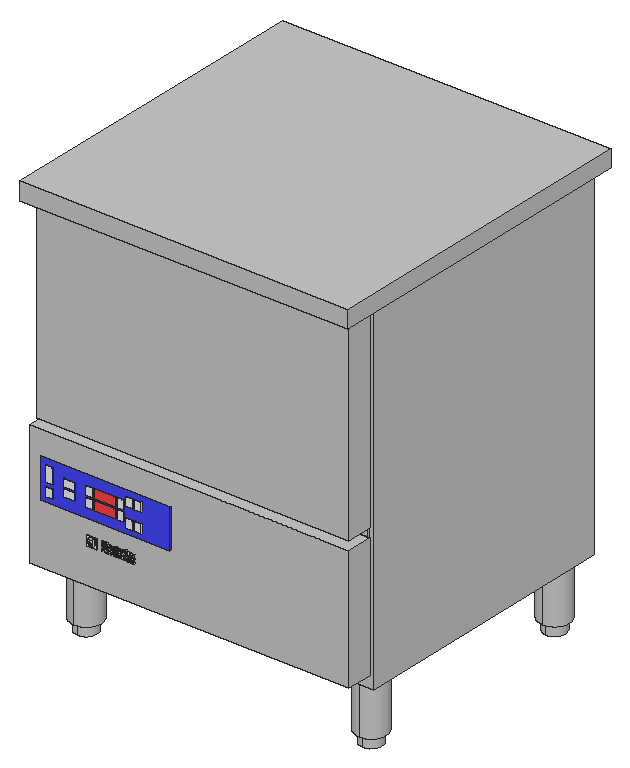
Revit family "QF_ELECTROLUXPROFESSIONAL_727829_RBF061P", category Specialty Equipment, Revit 2018
Family settings
  Round Connector Dimension = Use Diameter
  Part Type = Normal
  Work Plane-Based = No
  Always vertical = Yes
  Cut with Voids When Loaded = No
  Shared = No
  Room Calculation Point = No
Parameters (values of type "Standard")
  Weight = 105.00 kg
  Watts = 0 W
  Volts = 220 V
  URL Manufacturer = "http://professional.electrolux.com"
  URL = "http://professional.electrolux.com"
  Steam Supply Size = 0 mm
  Steam Supply Minimum Pressure = 0.0 Pa
  Steam Supply Maximum Pressure = 0.0 Pa
  Steam Pounds per Hour = 0
  Refrigeration Suction Line Size = 0 mm
  Refrigeration Liquid Line Size = 0 mm
  Refrigerant Compressor Remote = yes
  Manufacturer = "Electrolux Professional"
  Phase = 1
  Model = "RBF061P"
  Length Actual = 760 mm  # constant formula
  Item Number = "727829"
  Hot Water Size = 0 mm
  Height Actual = 970 mm  # constant formula
  HP = "2.1 HP"
  Gas Size = 0 mm
  Gas KW = 0
  Gas Input Pressure = 0 W
  Direct Waste Size = 0 mm
  Description = "BLAST CHILLER/FREEZER CW 19,5/15KG GN1/1 R452A WITH SCHUKO PLUG"
  Depth Actual = 760 mm  # constant formula
  Cycle = 50 Hz
  Condensate Return Size = 0 mm
  Compressed Air Volume = 0.0 L/s
  Compressed Air Size = 0 mm
  Compressed Air Pressure = 0.0 Pa
  Cold Water Size = 0 mm
  Accessory = yes
Types (2, lengths in mm): name | URL | Manufacturer | Phase | Model | Description
  (no name) | 0 | 0 | 0 | 0 | 0
  Standard | "http://professional.electrolux.com" | "Electrolux Professional" | 1 | "RBF061P" | "BLAST CHILLER/FREEZER CW 19,5/15KG GN1/1 R452A WITH SCHUKO PLUG"
Values of the unnamed type that differ from the named types
  Volts = 0 V
  URL Manufacturer = ""
  Item Number = ""
  Cycle = 0 Hz
Reference planes
  plane 1 "Center (Front/Back)": y = 137.5
  plane 2: z = 0
  plane 3 "Center (Left/Right)": x = 0
  plane 4 "TOP": z = 970
  plane 5 "FRONT": y = -312.5
  plane 6 "BACK": y = 447.5
  plane 7 "LEFT": x = -380
  plane 8 "RIGHT": x = 380
  plane 9 "FEET": z = 150
  plane 10: y = -247.5
  plane 11 "DrainX": y = 12.5
  plane 12 "FbY": y = 347.5
  plane 13 "FfY": y = -182.5
  plane 14 "FLr": x = 330
  plane 15 "FLx": x = -330
  plane 16 "PLAN": z = 930
  plane 17 "EIz": z = 345
  plane 18: y = -1002.5
Forms (mm)
  Extrusion 1, solid, material "QF_Finishes_Stainless Steel"
    sketch origin (33, 0, 150) x (-1, 0, 0) y (0, -1, 0)
      loop
        circle (33, -12.5) r 16.5
    from -2 to 0
  Extrusion 2, solid, material "QF_Finishes_Stainless Steel"
    sketch origin (0, 0, 0) x (0, 1, 0) y (-1, 0, 0)
      loop
        circle (347.5, -330) r 25
      loop
        circle (-182.5, -330) r 25
      loop
        circle (-182.5, 330) r 25
      loop
        circle (347.5, 330) r 25
    from 25.302 to 0
  Extrusion 3, solid, material "QF_Finishes_Stainless Steel"
    sketch origin (0, 0, 0) x (0, 1, 0) y (-1, 0, 0)
      loop
        circle (347.5, -330) r 35
      loop
        circle (-182.5, -330) r 35
      loop
        circle (-182.5, 330) r 35
      loop
        circle (347.5, 330) r 35
    from 25.302 to 150
  Extrusion 4, solid, material "QF_Finishes_Stainless Steel"
    sketch origin (0, 0, 150) x (-1, 0, 0) y (0, -1, 0)
      loop
        line (-380, -397.5) -> (380, -397.5) -> (380, 237.499) -> (-380, 237.499) -> (-380, -397.5)
    from 0 to 780
  Extrusion 5, solid, material "QF_Finishes_Stainless Steel"
    sketch origin (0, 0, 930) x (-1, 0, 0) y (0, -1, 0)
      loop
        line (380, -447.5) -> (380, 312.5) -> (-380, 312.5) -> (-380, -447.5) -> (380, -447.5)
    from 0 to 40
  Extrusion 6, solid, material "QF_Finishes_Stainless Steel"
    sketch origin (0, 0, 0) x (0, 1, 0) y (0, 0, 1)
      loop
        line (-297.499, 461.101) -> (-297.499, 175.202) -> (-237.499, 175.202) -> (-237.499, 461.101) -> (-297.499, 461.101)
    from 370 to -370
  Extrusion 7, solid, material "QF_Finishes_Stainless Steel"
    sketch origin (380, 0, 0) x (0, -1, 0) y (0, 0, 1)
      loop
        line (290.567, 926.3) -> (290.567, 930) -> (237.499, 930) -> (237.499, 926.3) -> (290.567, 926.3)
      loop
        line (290.567, 486.102) -> (243.803, 486.102)
        arc (243.803, 486.102) -> (239.348, 484.257) -> (237.503, 479.802) r 6.3
        line (237.503, 479.802) -> (237.503, 463.101) -> (240.779, 463.101) -> (240.779, 479.101)
        arc (240.779, 479.101) -> (241.657, 481.222) -> (243.779, 482.101) r 3
        line (243.779, 482.101) -> (290.567, 482.101) -> (290.567, 486.102)
    from 46 to 11
  Extrusion 8, solid, material "QF_Finishes_Stainless Steel"
    sketch origin (0, -312.5, 0) x (-1, 0, 0) y (0, 0, 1)
      loop
        line (262.5, 128.302) -> (-62.5, 128.302) -> (-62.5, 126.302) -> (-64.5, 126.302) -> (-64.5, 150) -> (-79, 150) -> (-79, 148.302) -> (-66, 148.302) -> (-66, 124.795) -> (-62.5, 124.795) -> (-62.5, 120.802) -> (-48.505, 120.802) -> (-48.505, 85.802) -> (251.495, 85.802) -> (251.495, 120.802) -> (262.5, 120.802) -> (262.5, 124.795) -> (266, 124.795) -> (266, 148.302) -> (279, 148.302) -> (279, 150) -> (264.5, 150) -> (264.5, 126.302) -> (262.5, 126.302) -> (262.5, 128.302)
    from 505 to 153.183
  Extrusion 9, solid, material "QF_Finishes_Stainless Steel"
    sketch origin (627.5, 73.136, 150) x (0, 1, 0) y (-1, 0, 0)
      loop
        line (-310.635, 1002.5) -> (-332.135, 1002.5) -> (-332.135, 958.706)
        arc (-332.135, 958.706) -> (-339.128, 949.169) -> (-350.326, 952.97) r 10
        line (-350.326, 952.97) -> (-366.996, 981.575)
        arc (-366.996, 981.575) -> (-369.236, 982.334) -> (-370.635, 980.426) r 2
        line (-370.635, 980.426) -> (-370.635, 256.865) -> (-310.635, 256.865) -> (-310.635, 1002.5)
    from 332.101 to 780
  Extrusion 10, solid, material "QF_Finishes_White"
    sketch origin (195.085, -312.5, -1373.823) x (-1, 0, 0) y (0, 0, 1)
      loop
        arc (416.043, 1653.92) -> (408.726, 1644.022) -> (416.043, 1634.125) r 10.352
        line (416.043, 1634.125) -> (416.043, 1653.92)
      loop
        line (416.805, 1653.983) -> (416.805, 1652.409)
        arc (416.805, 1652.409) -> (419.529, 1647.26) -> (424.776, 1644.729) r 9.332
        line (424.776, 1644.729) -> (429.24, 1644.729)
        arc (429.24, 1644.729) -> (425.15, 1652.215) -> (416.805, 1653.983) r 10.21
      loop
        line (417.05, 1635.558) -> (417.05, 1633.871)
        arc (417.05, 1633.871) -> (425.289, 1635.935) -> (429.249, 1643.449) r 10.411
        line (429.249, 1643.449) -> (425.974, 1643.449)
        arc (425.974, 1643.449) -> (420.124, 1641.074) -> (417.05, 1635.558) r 9.509
      loop
        line (430, 1655) -> (407.97, 1655) -> (407.97, 1633) -> (430, 1633) -> (430, 1655)
    from 13.378 to 15.001
  Extrusion 11, solid, material "QF_Finishes_White"
    sketch origin (0, -312.5, 0) x (-1, 0, 0) y (0, 0, 1)
      loop
        line (193.167, 280.964) -> (193.167, 279.02) -> (198.537, 279.02) -> (198.537, 276.182) -> (193.489, 276.182) -> (193.489, 274.232) -> (198.537, 274.232) -> (198.537, 272.515)
        arc (198.537, 272.515) -> (198.012, 271.323) -> (196.778, 270.906) r 1.615
        line (196.778, 270.906) -> (193.023, 270.906) -> (193.023, 268.964) -> (197.262, 268.964)
        arc (197.262, 268.964) -> (199.625, 269.942) -> (200.603, 272.305) r 3.341
        line (200.603, 272.305) -> (200.603, 280.964) -> (193.167, 280.964)
      loop
        line (191.555, 280.964) -> (189.488, 280.964) -> (189.488, 268.964) -> (191.555, 268.964) -> (191.555, 280.964)
      loop
        line (146.663, 280.964) -> (144.595, 280.964) -> (144.595, 268.964) -> (146.663, 268.964) -> (146.663, 280.964)
      loop
        arc (186.07, 272.796) -> (185.679, 271.485) -> (184.54, 270.726) r 2.013
        arc (184.54, 270.726) -> (182.673, 270.564) -> (181.066, 271.529) r 3.039
        line (181.066, 271.529) -> (179.841, 270.304)
        arc (179.841, 270.304) -> (181.732, 269.031) -> (183.987, 268.699) r 5.15
        arc (183.987, 268.699) -> (186.884, 269.899) -> (188.084, 272.796) r 4.097
        arc (188.084, 272.796) -> (187.172, 276.26) -> (183.977, 277.881) r 4.373
        arc (183.977, 277.881) -> (180.348, 276.522) -> (179.288, 272.796) r 4.298
        line (179.288, 272.796) -> (186.07, 272.796)
      loop
        arc (186.018, 274.249) -> (185.108, 275.698) -> (183.453, 276.13) r 2.321
        arc (183.453, 276.13) -> (182.018, 275.623) -> (181.364, 274.249) r 1.983
        line (181.364, 274.249) -> (186.018, 274.249)
      loop
        arc (171.23, 275.114) -> (172.894, 276.024) -> (174.768, 275.738) r 2.961
        arc (174.768, 275.738) -> (175.939, 274.497) -> (176.078, 272.796) r 2.578
        arc (176.078, 272.796) -> (174.082, 270.645) -> (171.296, 271.566) r 2.714
        line (171.296, 271.566) -> (170.006, 270.276)
        arc (170.006, 270.276) -> (175.469, 269.146) -> (178.138, 274.046) r 4.684
        arc (178.138, 274.046) -> (176.554, 276.84) -> (173.538, 277.942) r 4.652
        arc (173.538, 277.942) -> (171.56, 277.59) -> (169.933, 276.412) r 4.497
        line (169.933, 276.412) -> (171.23, 275.114)
      loop
        line (168.663, 280.964) -> (166.596, 280.964) -> (166.596, 277.643) -> (164.718, 277.643) -> (164.718, 275.765) -> (166.596, 275.765) -> (166.596, 272.796)
        arc (166.596, 272.796) -> (166.418, 271.845) -> (165.754, 271.143) r 1.713
        arc (165.754, 271.143) -> (165.235, 270.938) -> (164.68, 270.895) r 1.862
        line (164.68, 270.895) -> (164.68, 268.959)
        arc (164.68, 268.959) -> (166.548, 269.205) -> (168.024, 270.378) r 3.531
        arc (168.024, 270.378) -> (168.484, 271.533) -> (168.663, 272.764) r 5.301
        line (168.663, 272.764) -> (168.663, 280.964)
      loop
        line (160.929, 273.526) -> (160.929, 268.964) -> (162.979, 268.964) -> (162.979, 277.643) -> (160.929, 277.643) -> (160.929, 276.392)
        arc (160.929, 276.392) -> (159.543, 277.581) -> (157.725, 277.752) r 3.016
        line (157.725, 277.752) -> (157.725, 275.765)
        arc (157.725, 275.765) -> (159.117, 275.794) -> (160.355, 275.158) r 2.84
        arc (160.355, 275.158) -> (160.781, 274.391) -> (160.929, 273.526) r 2.607
      loop
        circle (152.671, 273.302) r 4.599
      loop
        circle (152.671, 273.302) r 2.787
      loop
        line (137.14, 272.578) -> (137.14, 277.643) -> (135.056, 277.643) -> (135.056, 272.491)
        arc (135.056, 272.491) -> (136.211, 269.731) -> (139.035, 268.744) r 3.675
        arc (139.035, 268.744) -> (141.828, 269.702) -> (143.014, 272.406) r 3.675
        line (143.014, 272.406) -> (143.014, 277.643) -> (140.93, 277.643) -> (140.93, 272.578)
        arc (140.93, 272.578) -> (140.419, 271.175) -> (139.035, 270.616) r 1.835
        arc (139.035, 270.616) -> (137.65, 271.175) -> (137.14, 272.578) r 1.835
      loop
        line (133.807, 277.643) -> (131.571, 277.643) -> (129.699, 275.066) -> (127.798, 277.643) -> (125.542, 277.643) -> (128.514, 273.615) -> (125.263, 268.961) -> (127.471, 268.961) -> (129.692, 272.018) -> (131.881, 268.961) -> (134.103, 268.961) -> (130.805, 273.567) -> (133.807, 277.643)
      loop
        arc (199.441, 263.989) -> (198.075, 262.743) -> (199.19, 261.268) r 1.372
        line (199.19, 261.268) -> (200.187, 261.268) -> (200.187, 259.839) -> (201.089, 259.839) -> (201.089, 263.989) -> (199.441, 263.989)
      loop
        line (199.229, 262.084) -> (200.187, 262.084) -> (200.187, 263.15) -> (199.229, 263.15)
        arc (199.229, 263.15) -> (198.888, 262.617) -> (199.229, 262.084) r 0.587
      loop
        arc (192.929, 263.989) -> (191.972, 263.599) -> (191.559, 262.651) r 1.37
        arc (191.559, 262.651) -> (191.69, 262.056) -> (192.082, 261.589) r 1.281
        line (192.082, 261.589) -> (191.266, 259.839) -> (192.234, 259.839) -> (192.831, 261.268) -> (193.703, 261.268) -> (193.703, 259.839) -> (194.605, 259.839) -> (194.605, 263.989) -> (192.929, 263.989)
      loop
        line (193.703, 263.15) -> (192.746, 263.15)
        arc (192.746, 263.15) -> (192.404, 262.617) -> (192.746, 262.084) r 0.587
        line (192.746, 262.084) -> (193.703, 262.084) -> (193.703, 263.15)
      loop
        circle (185.967, 261.914) r 2.156
      loop
        circle (185.967, 261.914) r 1.368
      loop
        line (180.268, 263.989) -> (177.677, 263.989) -> (177.677, 263.095) -> (179.388, 263.095) -> (179.388, 262.219) -> (177.826, 262.219) -> (177.826, 261.289) -> (179.388, 261.289) -> (179.388, 259.839) -> (180.268, 259.839) -> (180.268, 263.989)
      loop
        line (174.177, 263.989) -> (171.55, 263.989) -> (171.55, 263.205) -> (173.324, 263.205) -> (173.324, 262.388) -> (171.665, 262.388) -> (171.665, 261.604) -> (173.324, 261.604)
        arc (173.324, 261.604) -> (173.233, 261.009) -> (172.769, 260.626) r 0.845
        line (172.769, 260.626) -> (171.51, 260.626) -> (171.51, 259.842) -> (172.849, 259.842)
        arc (172.849, 259.842) -> (173.794, 260.237) -> (174.177, 261.187) r 1.327
        line (174.177, 261.187) -> (174.177, 263.989)
      loop
        line (159.148, 263.463) -> (159.622, 262.841)
        arc (159.622, 262.841) -> (159.984, 263.162) -> (160.455, 263.275) r 0.998
        arc (160.455, 263.275) -> (160.848, 262.962) -> (160.576, 262.539) r 0.375
        arc (160.576, 262.539) -> (160.105, 262.363) -> (159.646, 262.158) r 8.236
        arc (159.646, 262.158) -> (159.284, 261.921) -> (159, 261.594) r 1.564
        arc (159, 261.594) -> (158.869, 260.883) -> (159.123, 260.206) r 1.349
        arc (159.123, 260.206) -> (159.699, 259.901) -> (160.338, 259.773) r 2.246
        arc (160.338, 259.773) -> (160.855, 259.825) -> (161.333, 260.029) r 1.719
        arc (161.333, 260.029) -> (161.755, 260.41) -> (162.016, 260.915) r 1.595
        line (162.016, 260.915) -> (161.29, 261.253)
        arc (161.29, 261.253) -> (161.084, 260.892) -> (160.747, 260.649) r 0.983
        arc (160.747, 260.649) -> (160.356, 260.55) -> (159.964, 260.643) r 0.846
        arc (159.964, 260.643) -> (159.753, 261.066) -> (160.06, 261.427) r 0.43
        arc (160.06, 261.427) -> (160.545, 261.662) -> (161.056, 261.832) r 4.201
        arc (161.056, 261.832) -> (161.664, 262.559) -> (161.566, 263.502) r 1.217
        arc (161.566, 263.502) -> (161.037, 263.9) -> (160.394, 264.058) r 1.645
        arc (160.394, 264.058) -> (159.698, 263.914) -> (159.148, 263.463) r 1.485
      loop
        line (155.341, 263.989) -> (154.488, 263.989) -> (154.488, 259.842) -> (155.341, 259.842) -> (155.341, 263.989)
      loop
        circle (148.739, 261.916) r 1.29
      loop
        circle (148.739, 261.916) r 2.154
      loop
        line (143.018, 259.842) -> (143.018, 263.989) -> (142.189, 263.989) -> (140.292, 261.303) -> (140.292, 263.989) -> (139.43, 263.989) -> (139.43, 259.842) -> (140.259, 259.842) -> (142.156, 262.449) -> (142.156, 259.842) -> (143.018, 259.842)
      loop
        line (135.131, 259.842) -> (136.046, 259.842) -> (134.424, 263.989) -> (133.624, 263.989) -> (131.872, 259.842) -> (132.789, 259.842) -> (133.193, 260.737) -> (134.727, 260.737) -> (135.131, 259.842)
      loop
        line (133.575, 261.587) -> (134.385, 261.587) -> (133.986, 262.499) -> (133.575, 261.587)
      loop
        line (127.637, 260.626) -> (126.042, 260.626) -> (126.042, 259.842) -> (128.49, 259.842) -> (128.49, 263.989) -> (127.637, 263.989) -> (127.637, 260.626)
      loop
        line (165.366, 263.463) -> (165.84, 262.841)
        arc (165.84, 262.841) -> (166.202, 263.162) -> (166.672, 263.275) r 0.998
        arc (166.672, 263.275) -> (167.065, 262.962) -> (166.793, 262.539) r 0.375
        arc (166.793, 262.539) -> (166.323, 262.363) -> (165.864, 262.158) r 8.236
        arc (165.864, 262.158) -> (165.501, 261.921) -> (165.217, 261.594) r 1.564
        arc (165.217, 261.594) -> (165.086, 260.883) -> (165.341, 260.206) r 1.349
        arc (165.341, 260.206) -> (165.916, 259.901) -> (166.556, 259.773) r 2.246
        arc (166.556, 259.773) -> (167.073, 259.825) -> (167.551, 260.029) r 1.719
        arc (167.551, 260.029) -> (167.972, 260.41) -> (168.234, 260.915) r 1.595
        line (168.234, 260.915) -> (167.508, 261.253)
        arc (167.508, 261.253) -> (167.301, 260.892) -> (166.964, 260.649) r 0.983
        arc (166.964, 260.649) -> (166.574, 260.55) -> (166.182, 260.643) r 0.846
        arc (166.182, 260.643) -> (165.971, 261.066) -> (166.277, 261.427) r 0.43
        arc (166.277, 261.427) -> (166.762, 261.662) -> (167.273, 261.832) r 4.201
        arc (167.273, 261.832) -> (167.881, 262.559) -> (167.783, 263.502) r 1.217
        arc (167.783, 263.502) -> (167.255, 263.9) -> (166.612, 264.058) r 1.645
        arc (166.612, 264.058) -> (165.916, 263.914) -> (165.366, 263.463) r 1.485
    from 15.001 to 13.378
  Extrusion 12, solid, material "QF_Finishes_Stainless Steel"
    sketch origin (0, 447.5, 0) x (-1, 0, 0) y (0, 0, 1)
      loop
        circle (330, 345) r 10
    from -47.314 to -50
  Extrusion 13, solid, material "QF_Clearances", detail levels coarse
    sketch origin (0, 0, 0) x (1, 0, 0) y (0, 1, 0)
      loop
        line (-380, -312.5) -> (-380, 447.5) -> (-430, 447.5) -> (-430, -312.5) -> (-380, -312.5)
      loop
        line (380, 447.5) -> (380, -312.5) -> (430, -312.5) -> (430, 447.5) -> (380, 447.5)
    from 970 to 0
  Extrusion 14, solid, material "QF_Door-Drawer Clearances", detail levels coarse
    sketch origin (-0.635, 0, 150) x (-1, 0, 0) y (0, -1, 0)
      loop
        line (-310.635, 1002.5) -> (-332.135, 1002.5) -> (-332.135, 958.706)
        arc (-332.135, 958.706) -> (-339.128, 949.169) -> (-350.326, 952.97) r 10
        line (-350.326, 952.97) -> (-366.996, 981.575)
        arc (-366.996, 981.575) -> (-369.236, 982.334) -> (-370.635, 980.426) r 2
        line (-370.635, 980.426) -> (-370.635, 297.499) -> (-310.635, 297.499) -> (-310.635, 1002.5)
    from 336.102 to 776.3
  Extrusion 15, solid, material "QF_Door-Drawer Clearances", detail levels coarse
    sketch origin (0, 0, 0) x (1, 0, 0) y (0, 1, 0)
      loop
        line (310, -297.499) -> (-375, -297.499)
        arc (-375, -297.499) -> (-176.236, -789.657) -> (310, -1002.5) r 702.876
        line (310, -1002.5) -> (310, -297.499)
    from 926.3 to 486.102
Lines and regions (mm)
  symbolic lines
    curve 1: line (380, 447.5, 0) -> (380, -312.5, 0)
    curve 2: line (380, 447.5, 0) -> (-380, 447.5, 0)
    curve 3: line (-380, -312.5, 0) -> (-380, 447.5, 0)
    curve 4: line (-380, -312.5, 0) -> (380, -312.5, 0)
  symbolic lines, style "SpecialityEquipmentHiddenLines"
    curve 5: line (370, -980.426, 0) -> (370, -312.5, 0)
    curve 6: line (310, -1002.5, 0) -> (310, -312.5, 0)
    curve 7: line (310, -1002.5, 0) -> (331.5, -1002.5, 0)
    curve 8: line (331.5, -1002.5, 0) -> (331.5, -958.706, 0)
    curve 9: arc (331.5, -958.706, 0) -> (338.493, -949.169, 0) -> (349.692, -952.97, 0) r 10
    curve 10: line (349.692, -952.97, 0) -> (366.361, -981.575, 0)
    curve 11: arc (366.361, -981.575, 0) -> (368.602, -982.334, 0) -> (370, -980.426, 0) r 2
    curve 12: arc (-374.89, -312.5, 0) -> (-170.98, -795.009, 0) -> (310, -1002.5, 0) r 702.876
  symbolic lines, style "QF_Clearances"
    curve 13: line (-430, 447.5, 0) -> (-430, -312.5, 0)
  symbolic lines, style "QF_Clearances", detail levels coarse
    curve 14: line (430, -312.5, 0) -> (430, 447.5, 0)
Dimensions and locks
  equal spacing: plane 7 "LEFT", plane 3 "Center (Left/Right)", plane 8 "RIGHT"
  plane 7 "LEFT" to plane 8 "RIGHT" = 760 mm
  plane 6 "BACK" to plane 5 "FRONT" = 760 mm
  plane 4 "TOP" to plane 2 = 970 mm
  equal spacing: plane 8 "RIGHT", plane 3 "Center (Left/Right)", plane 7 "LEFT"
  plane 8 "RIGHT" to plane 7 "LEFT" = 760 mm
  plane 6 "BACK" to plane 11 "DrainX" = 435 mm
  locked: plane 7 "LEFT" to plane 15 "FLx" at 50
  locked: plane 14 "FLr" to plane 8 "RIGHT" at 50
  plane 13 "FfY" to plane 5 "FRONT" = 130 mm
  locked: plane 10 to plane 5 "FRONT" at 65
  locked: plane 9 "FEET" to level at 150
  locked: plane 4 "TOP" to plane 16 "PLAN" at 40
  plane 17 "EIz" to level = 345 mm
  plane 6 "BACK" to plane 18 = 1450 mm
  plane 6 "BACK" to Extrusion 4 to plane 12 "FbY" = 50 mm, 50 mm
  aligned and locked: level to plane 2
Automatic sketch dimensions
  Extrusion 1 sketch curve to plane 3 "Center (Left/Right)" = 0 mm
  plane 11 "DrainX" to Extrusion 1 sketch curve = 0 mm
  Extrusion 2 sketch curve to plane 13 "FfY" = 0 mm  (x2)
  Extrusion 2 sketch curve to plane 12 "FbY" = 0 mm  (x2)
  Extrusion 2 sketch curve to plane 14 "FLr" = 0 mm  (x2)
  Extrusion 2 sketch curve to plane 15 "FLx" = 0 mm  (x2)
  Extrusion 3 sketch curve to plane 13 "FfY" = 0 mm  (x2)
  Extrusion 3 sketch curve to plane 12 "FbY" = 0 mm  (x2)
  Extrusion 3 sketch curve to plane 14 "FLr" = 0 mm  (x2)
  Extrusion 3 sketch curve to plane 15 "FLx" = 0 mm  (x2)
  plane 14 "FLr" to Extrusion 4 sketch curve = 50 mm
  Extrusion 4 sketch curve to plane 7 "LEFT" = 0 mm
  plane 12 "FbY" to Extrusion 4 sketch curve = 50 mm
  Extrusion 4 sketch curve to plane 10 = 10.001 mm
  Extrusion 5 sketch curve to plane 6 "BACK" = 0 mm
  Extrusion 5 sketch curve to plane 8 "RIGHT" = 0 mm
  Extrusion 5 sketch curve to plane 5 "FRONT" = 0 mm
  Extrusion 5 sketch curve to plane 7 "LEFT" = 0 mm
  plane 5 "FRONT" to Extrusion 6 sketch curve = 15.001 mm
  Extrusion 6 sketch curve to plane 10 = 10.001 mm
  plane 9 "FEET" to Extrusion 6 sketch curve = 25.202 mm
  plane 17 "EIz" to Extrusion 6 sketch curve = 116.101 mm
  Extrusion 7 sketch curve to plane 16 "PLAN" = 0 mm
  Extrusion 7 sketch curve to plane 16 "PLAN" = 3.7 mm
  Extrusion 7 sketch curve to plane 10 = 10.001 mm
  Extrusion 7 sketch curve to plane 10 = 9.997 mm
  Extrusion 7 sketch curve to Extrusion 7 sketch curve = 3.276 mm
  Extrusion 7 sketch curve to Extrusion 7 sketch curve = 3 mm
  Extrusion 7 sketch curve to Extrusion 7 sketch curve = 0.024 mm
  plane 5 "FRONT" to Extrusion 7 sketch curve = 21.933 mm  (x2)
  plane 17 "EIz" to Extrusion 7 sketch curve = 141.102 mm
  Extrusion 7 sketch curve to Extrusion 7 sketch curve = 4.001 mm
  Extrusion 7 sketch curve to Extrusion 7 sketch curve = 0.701 mm
  Extrusion 7 sketch curve to Extrusion 7 sketch curve = 16 mm
  Extrusion 7 sketch curve to Extrusion 7 sketch curve = 0 mm  (x3)
  Extrusion 8 sketch curve to plane 9 "FEET" = 0 mm  (x2)
  plane 3 "Center (Left/Right)" to Extrusion 8 sketch curve = 79 mm
  Extrusion 8 sketch curve to plane 9 "FEET" = 1.698 mm  (x2)
  Extrusion 8 sketch curve to Extrusion 8 sketch curve = 13 mm  (x2)
  Extrusion 8 sketch curve to Extrusion 8 sketch curve = 1.5 mm  (x2)
  Extrusion 8 sketch curve to Extrusion 8 sketch curve = 3.5 mm
  Extrusion 8 sketch curve to Extrusion 8 sketch curve = 2 mm  (x3)
  Extrusion 8 sketch curve to Extrusion 8 sketch curve = 13.995 mm
  Extrusion 8 sketch curve to plane 9 "FEET" = 29.198 mm
  plane 15 "FLx" to Extrusion 8 sketch curve = 78.505 mm
  Extrusion 8 sketch curve to Extrusion 8 sketch curve = 11.004 mm
  Extrusion 8 sketch curve to Extrusion 8 sketch curve = 0 mm
  Extrusion 8 sketch curve to Extrusion 8 sketch curve = 27.5 mm
  Extrusion 8 sketch curve to Extrusion 8 sketch curve = 35 mm
  Extrusion 8 sketch curve to Extrusion 8 sketch curve = 3.994 mm  (x2)
  Extrusion 8 sketch curve to Extrusion 8 sketch curve = 1.506 mm  (x2)
  plane 5 "FRONT" to Extrusion 9 sketch curve = 15.001 mm
  Extrusion 9 sketch curve to Extrusion 9 sketch curve = 2 mm
  Extrusion 9 sketch curve to Extrusion 9 sketch curve = 1.638 mm
  plane 15 "FLx" to Extrusion 9 sketch curve = 4.53 mm
  plane 10 to Extrusion 9 sketch curve = 29.69 mm
  Extrusion 9 sketch curve to plane 15 "FLx" = 1.206 mm
  Extrusion 9 sketch curve to Extrusion 9 sketch curve = 8.192 mm
  Extrusion 9 sketch curve to plane 10 = 10.001 mm
  plane 8 "RIGHT" to Extrusion 9 sketch curve = 9.365 mm
  Extrusion 9 sketch curve to plane 15 "FLx" = 22.926 mm
  plane 7 "LEFT" to Extrusion 9 sketch curve = 5 mm
  plane 15 "FLx" to Extrusion 10 sketch curve = 117.115 mm
  Extrusion 10 sketch curve to Extrusion 10 sketch curve = 8.073 mm
  Extrusion 10 sketch curve to Extrusion 10 sketch curve = 0.762 mm
  Extrusion 10 sketch curve to Extrusion 10 sketch curve = 1.007 mm
  Extrusion 10 sketch curve to Extrusion 10 sketch curve = 2.055 mm
  Extrusion 10 sketch curve to Extrusion 10 sketch curve = 0.194 mm
  Extrusion 10 sketch curve to Extrusion 10 sketch curve = 0.025 mm
  Extrusion 10 sketch curve to Extrusion 10 sketch curve = 5.698 mm
  Extrusion 10 sketch curve to Extrusion 10 sketch curve = 1.198 mm
  Extrusion 10 sketch curve to Extrusion 10 sketch curve = 9.199 mm
  Extrusion 10 sketch curve to Extrusion 10 sketch curve = 9.372 mm
  Extrusion 10 sketch curve to Extrusion 10 sketch curve = 3.266 mm
  Extrusion 10 sketch curve to Extrusion 10 sketch curve = 0.009 mm
  Extrusion 10 sketch curve to Extrusion 10 sketch curve = 3.578 mm
  Extrusion 10 sketch curve to plane 17 "EIz" = 85.823 mm
  Extrusion 10 sketch curve to Extrusion 10 sketch curve = 0.871 mm
  Extrusion 10 sketch curve to Extrusion 10 sketch curve = 0.95 mm
  Extrusion 10 sketch curve to Extrusion 10 sketch curve = 0.254 mm
  Extrusion 10 sketch curve to Extrusion 10 sketch curve = 1.688 mm
  Extrusion 10 sketch curve to Extrusion 10 sketch curve = 0.1 mm
  Extrusion 10 sketch curve to Extrusion 10 sketch curve = 0.001 mm
  Extrusion 10 sketch curve to Extrusion 10 sketch curve = 1.281 mm
  Extrusion 10 sketch curve to Extrusion 10 sketch curve = 1.574 mm
  Extrusion 10 sketch curve to Extrusion 10 sketch curve = 1.08 mm
  Extrusion 11 sketch curve to Extrusion 11 sketch curve = 0 mm  (x35)
  Extrusion 11 sketch curve to plane 3 "Center (Left/Right)" = 125.263 mm
  Extrusion 11 sketch curve to Extrusion 11 sketch curve = 0.278 mm  (x2)
  Extrusion 11 sketch curve to Extrusion 11 sketch curve = 0.779 mm
  Extrusion 11 sketch curve to Extrusion 11 sketch curve = 2.208 mm
  Extrusion 11 sketch curve to Extrusion 11 sketch curve = 1.595 mm
  Extrusion 11 sketch curve to Extrusion 11 sketch curve = 2.256 mm
  Extrusion 11 sketch curve to Extrusion 11 sketch curve = 0.853 mm  (x3)
  Extrusion 11 sketch curve to Extrusion 11 sketch curve = 0.716 mm
  Extrusion 11 sketch curve to Extrusion 11 sketch curve = 1.178 mm
  Extrusion 11 sketch curve to Extrusion 11 sketch curve = 1.185 mm
  Extrusion 11 sketch curve to Extrusion 11 sketch curve = 1.106 mm
  Extrusion 11 sketch curve to Extrusion 11 sketch curve = 1.872 mm
  Extrusion 11 sketch curve to Extrusion 11 sketch curve = 3.383 mm
  Extrusion 11 sketch curve to Extrusion 11 sketch curve = 2.189 mm
  Extrusion 11 sketch curve to Extrusion 11 sketch curve = 0.917 mm
  Extrusion 11 sketch curve to Extrusion 11 sketch curve = 0.404 mm  (x2)
  Extrusion 11 sketch curve to Extrusion 11 sketch curve = 0.383 mm
  Extrusion 11 sketch curve to Extrusion 11 sketch curve = 0.049 mm  (x2)
  Extrusion 11 sketch curve to Extrusion 11 sketch curve = 2.236 mm
  Extrusion 11 sketch curve to Extrusion 11 sketch curve = 0.411 mm
  Extrusion 11 sketch curve to Extrusion 11 sketch curve = 2.222 mm
  Extrusion 11 sketch curve to Extrusion 11 sketch curve = 0.81 mm
  Extrusion 11 sketch curve to Extrusion 11 sketch curve = 0.8 mm
  Extrusion 11 sketch curve to Extrusion 11 sketch curve = 0.341 mm
  Extrusion 11 sketch curve to Extrusion 11 sketch curve = 1.249 mm
  Extrusion 11 sketch curve to Extrusion 11 sketch curve = 0.916 mm
  Extrusion 11 sketch curve to Extrusion 11 sketch curve = 2.084 mm
  Extrusion 11 sketch curve to Extrusion 11 sketch curve = 1.59 mm  (x2)
  Extrusion 11 sketch curve to Extrusion 11 sketch curve = 0.24 mm  (x2)
  Extrusion 11 sketch curve to Extrusion 11 sketch curve = 0.129 mm
  Extrusion 11 sketch curve to Extrusion 11 sketch curve = 5.006 mm
  Extrusion 11 sketch curve to Extrusion 11 sketch curve = 0.829 mm  (x2)
  Extrusion 11 sketch curve to Extrusion 11 sketch curve = 0.033 mm
  Extrusion 11 sketch curve to Extrusion 11 sketch curve = 1.865 mm
  Extrusion 11 sketch curve to Extrusion 11 sketch curve = 0.032 mm  (x3)
  Extrusion 11 sketch curve to Extrusion 11 sketch curve = 2.085 mm
  Extrusion 11 sketch curve to Extrusion 11 sketch curve = 1.581 mm
  Extrusion 11 sketch curve to Extrusion 11 sketch curve = 2.068 mm
  Extrusion 11 sketch curve to Extrusion 11 sketch curve = 5.721 mm
  Extrusion 11 sketch curve to Extrusion 11 sketch curve = 6.008 mm
  Extrusion 11 sketch curve to Extrusion 11 sketch curve = 1.817 mm
  Extrusion 11 sketch curve to Extrusion 11 sketch curve = 5.054 mm
  Extrusion 11 sketch curve to Extrusion 11 sketch curve = 0.596 mm
  Extrusion 11 sketch curve to Extrusion 11 sketch curve = 0.639 mm
  Extrusion 11 sketch curve to Extrusion 11 sketch curve = 0.156 mm
  Extrusion 11 sketch curve to Extrusion 11 sketch curve = 3.807 mm
  Extrusion 11 sketch curve to Extrusion 11 sketch curve = 0.474 mm  (x2)
  Extrusion 11 sketch curve to Extrusion 11 sketch curve = 0.558 mm  (x2)
  Extrusion 11 sketch curve to Extrusion 11 sketch curve = 0.1 mm  (x2)
  Extrusion 11 sketch curve to Extrusion 11 sketch curve = 0.709 mm  (x2)
  Extrusion 11 sketch curve to Extrusion 11 sketch curve = 0.006 mm  (x2)
  Extrusion 11 sketch curve to Extrusion 11 sketch curve = 0.137 mm  (x2)
  Extrusion 11 sketch curve to Extrusion 11 sketch curve = 0.005 mm  (x3)
  Extrusion 11 sketch curve to Extrusion 11 sketch curve = 0.073 mm  (x2)
  Extrusion 11 sketch curve to Extrusion 11 sketch curve = 0.114 mm  (x3)
  Extrusion 11 sketch curve to Extrusion 11 sketch curve = 0.008 mm  (x2)
  Extrusion 11 sketch curve to Extrusion 11 sketch curve = 0.14 mm  (x2)
  Extrusion 11 sketch curve to Extrusion 11 sketch curve = 0.066 mm  (x3)
  Extrusion 11 sketch curve to Extrusion 11 sketch curve = 0.022 mm  (x2)
  Extrusion 11 sketch curve to Extrusion 11 sketch curve = 2.564 mm
  Extrusion 11 sketch curve to Extrusion 11 sketch curve = 2.451 mm
  Extrusion 11 sketch curve to plane 17 "EIz" = 83.747 mm  (x2)
  Extrusion 11 sketch curve to Extrusion 11 sketch curve = 0.798 mm  (x2)
  Extrusion 11 sketch curve to Extrusion 11 sketch curve = 0.726 mm  (x2)
  Extrusion 11 sketch curve to Extrusion 11 sketch curve = 0.11 mm  (x2)
  Extrusion 11 sketch curve to Extrusion 11 sketch curve = 2.05 mm
  Extrusion 11 sketch curve to Extrusion 11 sketch curve = 1.104 mm  (x2)
  Extrusion 11 sketch curve to Extrusion 11 sketch curve = 2.435 mm
  Extrusion 11 sketch curve to Extrusion 11 sketch curve = 1.316 mm
  Extrusion 11 sketch curve to Extrusion 11 sketch curve = 1.739 mm
  Extrusion 11 sketch curve to Extrusion 11 sketch curve = 1.452 mm
  Extrusion 11 sketch curve to Extrusion 11 sketch curve = 0.075 mm
  Extrusion 11 sketch curve to Extrusion 11 sketch curve = 0.277 mm
  Extrusion 11 sketch curve to Extrusion 11 sketch curve = 3.35 mm
  Extrusion 11 sketch curve to Extrusion 11 sketch curve = 1.877 mm  (x2)
  Extrusion 11 sketch curve to Extrusion 11 sketch curve = 2.067 mm  (x2)
  Extrusion 11 sketch curve to Extrusion 11 sketch curve = 3.337 mm
  Extrusion 11 sketch curve to plane 17 "EIz" = 74.724 mm
  Extrusion 11 sketch curve to Extrusion 11 sketch curve = 1.343 mm
  Extrusion 11 sketch curve to Extrusion 11 sketch curve = 1.298 mm  (x2)
  Extrusion 11 sketch curve to plane 17 "EIz" = 73.434 mm
  Extrusion 11 sketch curve to Extrusion 11 sketch curve = 1.291 mm
  Extrusion 11 sketch curve to Extrusion 11 sketch curve = 3.276 mm
  Extrusion 11 sketch curve to Extrusion 11 sketch curve = 0.04 mm
  Extrusion 11 sketch curve to Extrusion 11 sketch curve = 0.155 mm
  Extrusion 11 sketch curve to Extrusion 11 sketch curve = 0.833 mm
  Extrusion 11 sketch curve to Extrusion 11 sketch curve = 0.271 mm
  Extrusion 11 sketch curve to Extrusion 11 sketch curve = 0.08 mm
  Extrusion 11 sketch curve to Extrusion 11 sketch curve = 2.087 mm
  Extrusion 11 sketch curve to Extrusion 11 sketch curve = 0.826 mm
  Extrusion 11 sketch curve to Extrusion 11 sketch curve = 0.475 mm
  Extrusion 11 sketch curve to Extrusion 11 sketch curve = 0.089 mm
  Extrusion 11 sketch curve to Extrusion 11 sketch curve = 0.002 mm  (x3)
  Extrusion 11 sketch curve to Extrusion 11 sketch curve = 0.093 mm
  Extrusion 11 sketch curve to Extrusion 11 sketch curve = 0.085 mm
  Extrusion 11 sketch curve to Extrusion 11 sketch curve = 3.5 mm
  Extrusion 11 sketch curve to Extrusion 11 sketch curve = 0.15 mm
  Extrusion 11 sketch curve to Extrusion 11 sketch curve = 5.704 mm
  Extrusion 11 sketch curve to Extrusion 11 sketch curve = 1.562 mm
  Extrusion 11 sketch curve to plane 17 "EIz" = 74.696 mm
  Extrusion 11 sketch curve to Extrusion 11 sketch curve = 0.554 mm
  Extrusion 11 sketch curve to Extrusion 11 sketch curve = 0.88 mm
  Extrusion 11 sketch curve to Extrusion 11 sketch curve = 1.224 mm  (x2)
  Extrusion 11 sketch curve to Extrusion 11 sketch curve = 2.076 mm
  Extrusion 11 sketch curve to Extrusion 11 sketch curve = 1.98 mm
  Extrusion 11 sketch curve to Extrusion 11 sketch curve = 0.012 mm  (x5)
  Extrusion 11 sketch curve to Extrusion 11 sketch curve = 0.151 mm
  Extrusion 11 sketch curve to Extrusion 11 sketch curve = 0.084 mm
  Extrusion 11 sketch curve to Extrusion 11 sketch curve = 0.145 mm
  Extrusion 11 sketch curve to Extrusion 11 sketch curve = 0.262 mm
  Extrusion 11 sketch curve to Extrusion 11 sketch curve = 0.217 mm
  Extrusion 11 sketch curve to Extrusion 11 sketch curve = 0.074 mm
  Extrusion 11 sketch curve to Extrusion 11 sketch curve = 5.699 mm
  Extrusion 11 sketch curve to Extrusion 11 sketch curve = 2.282 mm
  Extrusion 11 sketch curve to Extrusion 11 sketch curve = 0.052 mm  (x2)
  Extrusion 11 sketch curve to Extrusion 11 sketch curve = 3.418 mm
  Extrusion 11 sketch curve to Extrusion 11 sketch curve = 5.299 mm
  Extrusion 11 sketch curve to Extrusion 11 sketch curve = 0.816 mm
  Extrusion 11 sketch curve to Extrusion 11 sketch curve = 0.968 mm
  Extrusion 11 sketch curve to Extrusion 11 sketch curve = 0.664 mm  (x2)
  Extrusion 11 sketch curve to Extrusion 11 sketch curve = 0.749 mm
  Extrusion 11 sketch curve to Extrusion 11 sketch curve = 0.095 mm
  Extrusion 11 sketch curve to Extrusion 11 sketch curve = 0.088 mm
  Extrusion 11 sketch curve to Extrusion 11 sketch curve = 0.063 mm
  Extrusion 11 sketch curve to Extrusion 11 sketch curve = 1.468 mm
  Extrusion 11 sketch curve to Extrusion 11 sketch curve = 1.612 mm
  Extrusion 11 sketch curve to Extrusion 11 sketch curve = 0.322 mm
  Extrusion 11 sketch curve to Extrusion 11 sketch curve = 0.873 mm
  Extrusion 11 sketch curve to Extrusion 11 sketch curve = 0.712 mm
  Extrusion 11 sketch curve to Extrusion 11 sketch curve = 0.902 mm  (x2)
  Extrusion 11 sketch curve to Extrusion 11 sketch curve = 3.755 mm
  Extrusion 11 sketch curve to Extrusion 11 sketch curve = 0.144 mm
  Extrusion 11 sketch curve to Extrusion 11 sketch curve = 0.484 mm
  Extrusion 11 sketch curve to Extrusion 11 sketch curve = 5.37 mm
  Extrusion 11 sketch curve to Extrusion 11 sketch curve = 1.275 mm
  Extrusion 11 sketch curve to Extrusion 11 sketch curve = 4.585 mm
  Extrusion 11 sketch curve to Extrusion 11 sketch curve = 0.039 mm  (x2)
  Extrusion 11 sketch curve to Extrusion 11 sketch curve = 0.211 mm
  Extrusion 11 sketch curve to Extrusion 11 sketch curve = 0.035 mm
  Extrusion 11 sketch curve to Extrusion 11 sketch curve = 0.997 mm
  Extrusion 11 sketch curve to Extrusion 11 sketch curve = 2.066 mm
  Extrusion 11 sketch curve to Extrusion 11 sketch curve = 0.017 mm  (x2)
  Extrusion 11 sketch curve to Extrusion 11 sketch curve = 0.238 mm  (x2)
  Extrusion 11 sketch curve to Extrusion 11 sketch curve = 0.338 mm  (x2)
  Extrusion 11 sketch curve to Extrusion 11 sketch curve = 0.259 mm  (x2)
  Extrusion 11 sketch curve to Extrusion 11 sketch curve = 0.784 mm  (x3)
  Extrusion 11 sketch curve to Extrusion 11 sketch curve = 0.111 mm
  Extrusion 11 sketch curve to Extrusion 11 sketch curve = 0.895 mm  (x3)
  Extrusion 11 sketch curve to Extrusion 11 sketch curve = 1.172 mm
  Extrusion 11 sketch curve to Extrusion 11 sketch curve = 1.348 mm
  Extrusion 11 sketch curve to Extrusion 11 sketch curve = 3.144 mm  (x2)
  Extrusion 11 sketch curve to Extrusion 11 sketch curve = 3.027 mm  (x2)
  Extrusion 11 sketch curve to Extrusion 11 sketch curve = 1.429 mm  (x2)
  Extrusion 11 sketch curve to Extrusion 11 sketch curve = 1.451 mm
  Extrusion 11 sketch curve to Extrusion 11 sketch curve = 1.461 mm
  Extrusion 11 sketch curve to Extrusion 11 sketch curve = 0.382 mm  (x2)
  Extrusion 11 sketch curve to Extrusion 11 sketch curve = 0.257 mm
  Extrusion 11 sketch curve to Extrusion 11 sketch curve = 0.094 mm  (x2)
  Extrusion 11 sketch curve to Extrusion 11 sketch curve = 0.06 mm  (x2)
  Extrusion 11 sketch curve to Extrusion 11 sketch curve = 0.851 mm
  Extrusion 11 sketch curve to Extrusion 11 sketch curve = 0.321 mm
  Extrusion 11 sketch curve to Extrusion 11 sketch curve = 2.075 mm
  Extrusion 11 sketch curve to Extrusion 11 sketch curve = 2.073 mm
  Extrusion 11 sketch curve to Extrusion 11 sketch curve = 0.466 mm  (x2)
  Extrusion 11 sketch curve to Extrusion 11 sketch curve = 0.815 mm  (x2)
  Extrusion 11 sketch curve to Extrusion 11 sketch curve = 0.93 mm
  Extrusion 11 sketch curve to Extrusion 11 sketch curve = 0.261 mm  (x2)
  Extrusion 11 sketch curve to Extrusion 11 sketch curve = 0.136 mm  (x2)
  Extrusion 11 sketch curve to Extrusion 11 sketch curve = 1.147 mm
  Extrusion 11 sketch curve to Extrusion 11 sketch curve = 0.911 mm
  Extrusion 11 sketch curve to Extrusion 11 sketch curve = 0.16 mm  (x2)
  Extrusion 11 sketch curve to Extrusion 11 sketch curve = 0.533 mm  (x2)
  Extrusion 11 sketch curve to Extrusion 11 sketch curve = 0.267 mm  (x2)
  Extrusion 11 sketch curve to Extrusion 11 sketch curve = 0.327 mm  (x2)
  Extrusion 11 sketch curve to Extrusion 11 sketch curve = 0.014 mm  (x2)
  Extrusion 11 sketch curve to Extrusion 11 sketch curve = 0.876 mm
  Extrusion 11 sketch curve to Extrusion 11 sketch curve = 0.817 mm
  Extrusion 11 sketch curve to Extrusion 11 sketch curve = 0.623 mm  (x2)
  Extrusion 11 sketch curve to Extrusion 11 sketch curve = 1.539 mm  (x2)
  Extrusion 11 sketch curve to Extrusion 11 sketch curve = 3.363 mm
  Extrusion 11 sketch curve to Extrusion 11 sketch curve = 0.894 mm
  Extrusion 11 sketch curve to Extrusion 11 sketch curve = 0.783 mm
  Extrusion 11 sketch curve to Extrusion 11 sketch curve = 1.49 mm
  Extrusion 11 sketch curve to Extrusion 11 sketch curve = 0.525 mm
  Extrusion 11 sketch curve to Extrusion 11 sketch curve = 0.838 mm
  Extrusion 11 sketch curve to Extrusion 11 sketch curve = 4.901 mm
  Extrusion 11 sketch curve to Extrusion 11 sketch curve = 4.972 mm
  Extrusion 11 sketch curve to Extrusion 11 sketch curve = 4.975 mm  (x2)
  Extrusion 11 sketch curve to Extrusion 11 sketch curve = 1.936 mm
  Extrusion 11 sketch curve to Extrusion 11 sketch curve = 1.942 mm
  Extrusion 11 sketch curve to Extrusion 11 sketch curve = 3.057 mm
  Extrusion 11 sketch curve to Extrusion 11 sketch curve = 3.445 mm
  Extrusion 11 sketch curve to Extrusion 11 sketch curve = 0.044 mm
  Extrusion 11 sketch curve to Extrusion 11 sketch curve = 1.561 mm
  Extrusion 11 sketch curve to Extrusion 11 sketch curve = 3.53 mm
  Extrusion 11 sketch curve to Extrusion 11 sketch curve = 0.172 mm  (x2)
  Extrusion 11 sketch curve to Extrusion 11 sketch curve = 0.167 mm
  Extrusion 11 sketch curve to Extrusion 11 sketch curve = 1.153 mm
  Extrusion 11 sketch curve to Extrusion 11 sketch curve = 0.128 mm
  Extrusion 11 sketch curve to Extrusion 11 sketch curve = 2.488 mm
  Extrusion 11 sketch curve to Extrusion 11 sketch curve = 0.34 mm
  Extrusion 11 sketch curve to Extrusion 11 sketch curve = 1.267 mm
  Extrusion 11 sketch curve to Extrusion 11 sketch curve = 0.153 mm
  Extrusion 11 sketch curve to Extrusion 11 sketch curve = 4.063 mm
  Extrusion 11 sketch curve to Extrusion 11 sketch curve = 1.541 mm
  Extrusion 11 sketch curve to Extrusion 11 sketch curve = 0.165 mm
  Extrusion 11 sketch curve to Extrusion 11 sketch curve = 0.275 mm
  Extrusion 11 sketch curve to Extrusion 11 sketch curve = 0.105 mm
  Extrusion 11 sketch curve to Extrusion 11 sketch curve = 0.054 mm
  Extrusion 11 sketch curve to Extrusion 11 sketch curve = 0.717 mm
  Extrusion 11 sketch curve to Extrusion 11 sketch curve = 0.013 mm
  Extrusion 11 sketch curve to Extrusion 11 sketch curve = 0.499 mm
  Extrusion 11 sketch curve to Extrusion 11 sketch curve = 1.549 mm
  Extrusion 11 sketch curve to Extrusion 11 sketch curve = 0.083 mm
  Extrusion 11 sketch curve to Extrusion 11 sketch curve = 1.597 mm
  Extrusion 11 sketch curve to Extrusion 11 sketch curve = 0.314 mm
  Extrusion 11 sketch curve to Extrusion 11 sketch curve = 0.007 mm
  Extrusion 11 sketch curve to Extrusion 11 sketch curve = 0.316 mm
  Extrusion 11 sketch curve to Extrusion 11 sketch curve = 1.717 mm
  Extrusion 11 sketch curve to Extrusion 11 sketch curve = 1.453 mm
  Extrusion 11 sketch curve to Extrusion 11 sketch curve = 1.278 mm
  Extrusion 11 sketch curve to Extrusion 11 sketch curve = 1.499 mm
  Extrusion 11 sketch curve to Extrusion 11 sketch curve = 1.664 mm
  Extrusion 11 sketch curve to Extrusion 11 sketch curve = 2.97 mm
  Extrusion 11 sketch curve to Extrusion 11 sketch curve = 0.961 mm
  Extrusion 11 sketch curve to Extrusion 11 sketch curve = 1.95 mm
  Extrusion 11 sketch curve to Extrusion 11 sketch curve = 1.234 mm
  Extrusion 11 sketch curve to Extrusion 11 sketch curve = 2.576 mm  (x2)
  Extrusion 11 sketch curve to Extrusion 11 sketch curve = 5.237 mm
  Extrusion 11 sketch curve to Extrusion 11 sketch curve = 1.878 mm
  Extrusion 11 sketch curve to Extrusion 11 sketch curve = 2.838 mm
  Extrusion 11 sketch curve to Extrusion 11 sketch curve = 3.322 mm
  Extrusion 11 sketch curve to Extrusion 11 sketch curve = 1.944 mm
  Extrusion 11 sketch curve to Extrusion 11 sketch curve = 3.321 mm
  Extrusion 11 sketch curve to Extrusion 11 sketch curve = 1.18 mm  (x2)
  Extrusion 11 sketch curve to Extrusion 11 sketch curve = 1.189 mm  (x2)
  Extrusion 11 sketch curve to Extrusion 11 sketch curve = 0.024 mm  (x2)
  Extrusion 11 sketch curve to Extrusion 11 sketch curve = 0.347 mm  (x2)
  Extrusion 11 sketch curve to Extrusion 11 sketch curve = 0.289 mm  (x2)
  Extrusion 11 sketch curve to Extrusion 11 sketch curve = 0.374 mm  (x2)
  Extrusion 11 sketch curve to Extrusion 11 sketch curve = 0.045 mm  (x2)
  Extrusion 11 sketch curve to Extrusion 11 sketch curve = 0.435 mm  (x2)
  Extrusion 11 sketch curve to Extrusion 11 sketch curve = 0.235 mm  (x2)
  Extrusion 11 sketch curve to Extrusion 11 sketch curve = 1.23 mm
  Extrusion 11 sketch curve to Extrusion 11 sketch curve = 4.599 mm
  Extrusion 11 sketch curve to Extrusion 11 sketch curve = 1.812 mm
  Extrusion 12 sketch curve to plane 15 "FLx" = 0 mm
  Extrusion 12 sketch curve to plane 17 "EIz" = 0 mm
  Extrusion 13 sketch curve to plane 5 "FRONT" = 0 mm  (x2)
  Extrusion 13 sketch curve to plane 6 "BACK" = 0 mm  (x2)
  Extrusion 13 sketch curve to plane 7 "LEFT" = 0 mm
  Extrusion 13 sketch curve to plane 8 "RIGHT" = 0 mm
  Extrusion 13 sketch curve to Extrusion 13 sketch curve = 50 mm
  Extrusion 13 sketch curve to plane 8 "RIGHT" = 50 mm
  plane 3 "Center (Left/Right)" to Extrusion 14 sketch curve = 370 mm
  Extrusion 14 sketch curve to Extrusion 14 sketch curve = 2 mm
  Extrusion 14 sketch curve to Extrusion 14 sketch curve = 1.638 mm
  plane 3 "Center (Left/Right)" to Extrusion 14 sketch curve = 349.692 mm
  plane 3 "Center (Left/Right)" to Extrusion 14 sketch curve = 341.5 mm
  Extrusion 14 sketch curve to Extrusion 14 sketch curve = 10 mm
  plane 3 "Center (Left/Right)" to Extrusion 14 sketch curve = 310 mm
  plane 1 "Center (Front/Back)" to Extrusion 14 sketch curve = 434.999 mm
  Extrusion 14 sketch curve to plane 5 "FRONT" = 640.47 mm
  Extrusion 14 sketch curve to Extrusion 14 sketch curve = 27.456 mm
  Extrusion 14 sketch curve to Extrusion 14 sketch curve = 20.925 mm
  Extrusion 15 sketch curve to plane 18 = 0 mm
  Extrusion 15 sketch curve to plane 14 "FLr" = 2.128 mm
  plane 5 "FRONT" to Extrusion 15 sketch curve = 12.649 mm
  plane 5 "FRONT" to Extrusion 15 sketch curve = 15.001 mm
  plane 7 "LEFT" to Extrusion 15 sketch curve = 5 mm
  curve 3 to plane 5 "FRONT" = 0 mm
  curve 3 to plane 7 "LEFT" = 0 mm
  curve 12 to plane 18 = 0 mm
  curve 2 to plane 6 "BACK" = 0 mm
  curve 2 to plane 8 "RIGHT" = 0 mm
  curve 6 to plane 14 "FLr" = 20 mm
  curve 12 to plane 14 "FLr" = 2.128 mm
  plane 14 "FLr" to curve 8 = 1.5 mm
  curve 8 to curve 9 = 10 mm
  curve 9 to curve 10 = 8.192 mm
  plane 8 "RIGHT" to curve 10 = 13.639 mm
  curve 11 to curve 11 = 1.638 mm
  curve 11 to curve 5 = 2 mm
  plane 18 to curve 10 = 20.925 mm
  curve 11 to curve 9 = 22.869 mm
  plane 5 "FRONT" to curve 12 = 12.649 mm
  radius of Extrusion 1 sketch curve = 16.5 mm
  radius of Extrusion 2 sketch curve = 25 mm  (x4)
  radius of Extrusion 3 sketch curve = 35 mm  (x4)
  radius of Extrusion 11 sketch curve = 2.156 mm
  radius of Extrusion 11 sketch curve = 1.368 mm
  radius of Extrusion 11 sketch curve = 1.29 mm
  radius of Extrusion 11 sketch curve = 2.154 mm
  radius of Extrusion 12 sketch curve = 10 mm
Nested families
  nested 1: "QF_ELECTROLUXPROFESSIONAL_CROSSWISE_PANEL" at (-193.225, -297.499, 361.754) x (1, 0, 0) z (0, -1, 0), type "QF_ELECTROLUXPROFESSIONAL_CROSSWISE_PANEL"
Connectors
  piping at (0, 12.5, 148), diameter 33
    settings: on Extrusion 1, index 3, connector inside diameter 609.6 mm, connector length 0 mm, flow factor 0, pipe flow 0.0 L/s, pressure drop 0.0 Pa, fitting loss kfactor 0, connector angle 0.00°, fixture units 0, engagement length 0 mm, angle of deflection 0.00°, flow configuration 1, flow direction 2, fitting loss method 0, system type 16, joint type 0, gender type 0, connector reference index -1, connector utility 0, adjustable connector no, is connector primary yes, connector description "DRAIN"
  electrical at (-330, 400.186, 345)
    settings: on Extrusion 12, index 4, voltage 0 V, apparent load 0 VA, apparent load phase1 0 VA, apparent load phase2 0 VA, apparent load phase3 0 VA, power factor 1, load classification "Other", number of poles 1, system type 30, power factor state 1, is connector primary yes, connector utility no, sub classification motor no, connector description "ELECTRICAL CONNECTION"
Definition of nested family "QF_ELECTROLUXPROFESSIONAL_CROSSWISE_PANEL"
  Parameters
    Default Elevation = 1219.2 mm
  Reference planes
    plane 1 "Center (Front/Back)": y = 0
    plane 2: z = 0
    plane 3 "Center (Left/Right)": x = 0
  Forms (mm)
    Extrusion 1, solid
      sketch origin (0, 0, 0) x (1, 0, 0) y (0, 1, 0)
        loop
          line (-1219.2, 1219.2) -> (-1219.2, -1219.2) -> (1219.2, -1219.2) -> (1219.2, 1219.2) -> (-1219.2, 1219.2)
      from 0 to -304.8
    Extrusion 2, solid
      sketch origin (0, 0, 0) x (1, 0, 0) y (0, 1, 0)
        loop
          line (-150, -45) -> (150, -45) -> (150, 45) -> (-150, 45) -> (-150, -45)
      from 0 to 1.6
    Extrusion 3, solid
      sketch origin (0, 0, 0) x (1, 0, 0) y (0, 1, 0)
        loop
          line (-135.569, 32.041) -> (-135.569, -2.959) -> (-120.569, -2.959) -> (-120.569, 32.041) -> (-135.569, 32.041)
        loop
          line (-135.569, -12.959) -> (-135.569, -32.959) -> (-120.569, -32.959) -> (-120.569, -12.959) -> (-135.569, -12.959)
        loop
          line (29.423, 22.408) -> (29.423, 2.408) -> (44.247, 2.408) -> (44.247, 22.408) -> (29.423, 22.408)
        loop
          line (29.423, -2.592) -> (29.423, -22.592) -> (44.247, -22.592) -> (44.247, -2.592) -> (29.423, -2.592)
        loop
          line (49.431, -12.959) -> (49.431, -32.959) -> (64.431, -32.959) -> (64.431, -12.959) -> (49.431, -12.959)
        loop
          line (69.431, -12.959) -> (69.431, -32.959) -> (84.431, -32.959) -> (84.431, -12.959) -> (69.431, -12.959)
        loop
          line (49.431, 32.041) -> (49.431, 12.041) -> (64.431, 12.041) -> (64.431, 32.041) -> (49.431, 32.041)
        loop
          line (69.431, 32.041) -> (69.431, 12.041) -> (84.431, 12.041) -> (84.431, 32.041) -> (69.431, 32.041)
        loop
          line (-94.868, 2.121) -> (-69.868, 2.121) -> (-69.868, 18.456) -> (-94.868, 18.456) -> (-94.868, 2.121)
        loop
          line (-94.868, -19.293) -> (-69.868, -19.293) -> (-69.868, -2.959) -> (-94.868, -2.959) -> (-94.868, -19.293)
        loop
          line (-42.776, 22.408) -> (-42.776, 2.408) -> (-27.951, 2.408) -> (-27.951, 22.408) -> (-42.776, 22.408)
        loop
          line (-42.776, -2.592) -> (-42.776, -22.592) -> (-27.951, -22.592) -> (-27.951, -2.592) -> (-42.776, -2.592)
      from 3.2 to 1.6
    Extrusion 4, solid
      sketch origin (0, 0, 0) x (1, 0, 0) y (0, 1, 0)
        loop
          line (-22.951, 22.408) -> (-22.951, 2.408) -> (25.045, 2.408) -> (25.045, 22.408) -> (-22.951, 22.408)
        loop
          line (-22.951, -2.592) -> (-22.951, -22.592) -> (25.045, -22.592) -> (25.045, -2.592) -> (-22.951, -2.592)
      from 3.2 to 1.6
  Dimensions and locks
    aligned and locked: plane 2 to Extrusion 1
    aligned and locked: level to Extrusion 1
